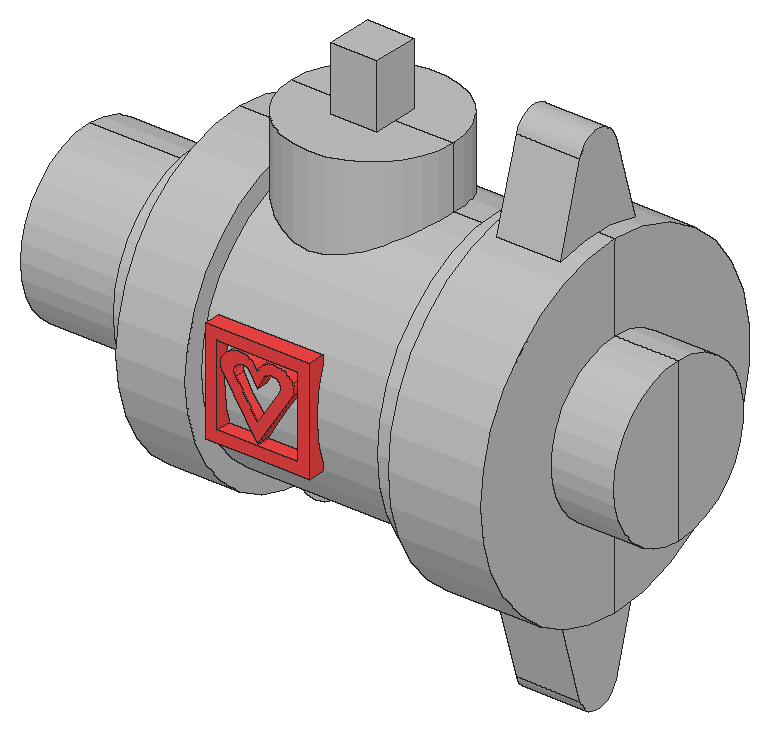
Revit family "Boiler filling and draining valve 2512 11", category Rohrzubehör, Revit 2021
Family settings
  Bemaßung runder Anschluss = Durchmesser verwenden
  Teiletyp = Normal
  OmniClass-Nummer = 23.65.55.14
  OmniClass-Titel = Valves for Liquid Services
  Arbeitsebenenbasiert = Nein
  Immer vertikal = Ja
  Beim Laden mit Abzugskörper schneiden = Nein
  Gemeinsam genutzt = Nein
Parameters
  min. Operating temperature = -30 °C  # constant formula
  max. Operating temperature = 110 °C  # constant formula
  max. Operating pressure = 1000000.0 Pa  # constant formula
  Vorgabe-Ansicht = 0.000 mm
  URL = "www.herzvalves.com"
  Spindle = "brass CW614N "  # constant formula
  SCTWSEQ = "ENT;AO;1"
  SCTWCODE = "01;10;01"  # constant formula
  SCRNSEQ = "ARM;ARM_TYP=\"ABSV\";1"
  SCRNCODE = "05;08;01"  # constant formula
  S04 = 45.000 mm  # constant formula
  S03 = 16.000 mm  # constant formula
  S02 = L00 - L01  # 24.500 mm
  S01 = L00 + (L09 - L05)  # 51.000 mm
  R99 = 2.000 mm  # constant formula
  R01 = 7.000 mm  # constant formula
  Part number [instance] = if(Nennweite = 15.000 mm, 1251211, 0)  # 1251211
  Nennweite [instance] = 15.000 mm  # constant formula
  Medium = "heating water according ÖNORM H5195 or VDI-Standard 2035.\r\nthe use of ethylene, or propylene glycol in a mixing ratio 25-50% is allowed."
  L10 = L01 - L05 + 1.000 mm  # 14.000 mm
  L09 = 13.500 mm  # constant formula
  L08 = 8.000 mm  # constant formula
  L07 = 4.000 mm  # constant formula
  L06 = 19.000 mm  # constant formula
  L05 = 6.500 mm  # constant formula
  L04 = 9.500 mm  # constant formula
  L03 = 8.500 mm  # constant formula
  L02 = 13.000 mm  # constant formula
  L01 = 19.500 mm  # constant formula
  L00 = 44.000 mm  # constant formula
  Ball = "forged brass CW617N, full bore, surface chrome plated"  # constant formula
  Hersteller = "Herz-Armaturen GmbH"  # constant formula
  H00 = 17.000 mm  # constant formula
  Body = "forged brass CW617N "  # constant formula
  G02 = 13.200 mm  # constant formula
  G01 [instance] = Nennweite / 2  # 7.500 mm
  Sealings = "ball: PTFE; spindle: PTFE "  # constant formula
  D08 = 7.000 mm  # constant formula
  D07 = 14.500 mm  # constant formula
  D06 = 12.100 mm  # constant formula
  D05 = 13.400 mm  # constant formula
  D04 = 11.100 mm  # constant formula
  D03 = 11.700 mm  # constant formula
  D02 = 9.300 mm  # constant formula
  D01 [instance] = G01 - 1.500 mm  # 6.000 mm
  Application = "the drain valves are installed as valves to fill and drain systems.\r\nfields of application are building services, such as in heating or chilled water plant in buildings.\r\naromatic chlorinated hydrocarbons such as natural gas or petroleum occurring in, destroy the EPDM seals."
Reference planes
  plane 1 "Mitte (Vorne/hinten)": y = 0
  plane 2: z = 0
  plane 3 "Mitte (Links/rechts)": x = 0
Forms (mm)
  Revolve 1, solid, material "Messing vernickelt", detail levels fine
    sketch origin (0, 0, 0) x (1, 0, 0) y (0, 0, 1)
      loop
        line (-18, 0) -> (13, 0) -> (13, 11.1) -> (19.5, 11.1) -> (19.5, 13.2) -> (11, 13.2) -> (11, 11.7) -> (-5.5, 11.7) -> (-5.5, 13.4) -> (-11.5, 13.4) -> (-11.5, 9.3) -> (-15, 9.3) -> (-15, 7.5) -> (-24.5, 7.5) -> (-24.5, 6) -> (-18, 6) -> (-18, 0)
      axis (-24.5, 0) -> (19.5, 0)
    angle from 0 to 360
  Extrusion 2, solid, material "Messing vernickelt", detail levels fine
    sketch origin (0, 0, 0) x (1, 0, 0) y (0, 0, 1)
      loop
        line (-2, -12.1) -> (-2, -11.3) -> (-5.52, -11.3) -> (-5.52, -13.4)
        arc (-5.52, -13.4) -> (-3.307, -13.976) -> (-2, -12.1) r 2
    from 1 to -1
  Revolve 3, solid, material "Messing vernickelt", detail levels fine
    sketch origin (0, 0, 0) x (1, 0, 0) y (0, 0, 1)
      loop
        line (0, 0) -> (0, 17) -> (-7, 17) -> (-7, 0) -> (0, 0)
      axis (0, 17) -> (0, 0)
    angle from 0 to 360
  Extrusion 4, solid, material "Messing vernickelt", detail levels fine
    sketch origin (0, 0, 0) x (1, 0, 0) y (0, 1, 0)
      loop
        line (-2, 2) -> (-2, -2) -> (2, -2) -> (2, 2) -> (-2, 2)
    from 17 to 22.5
  Revolve 5, solid, material "Messing vernickelt", detail levels fine
    sketch origin (0, 0, 0) x (1, 0, 0) y (0, 0, 1)
      loop
        line (13, 14.5) -> (13, 13.2) -> (19.5, 13.2) -> (19.5, 0) -> (26.5, 0) -> (26.5, 7) -> (21, 7) -> (21, 14.5) -> (13, 14.5)
      axis (13, 0) -> (26.5, 0)
    angle from 0 to 360
  Extrusion 6, solid, material "Messing vernickelt", detail levels fine
    sketch origin (0, 0, 0) x (0, 1, 0) y (0, 0, 1)
      loop
        line (4, 13.937) -> (1.92, 21.061)
        arc (1.92, 21.061) -> (0, 22.5) -> (-1.92, 21.061) r 2
        line (-1.92, 21.061) -> (-4, 13.937)
        arc (-4, 13.937) -> (0, 14.5) -> (4, 13.937) r 14.5
      loop
        arc (4, -13.937) -> (0, -14.5) -> (-4, -13.937) r 14.5
        line (-4, -13.937) -> (-1.92, -21.061)
        arc (-1.92, -21.061) -> (0, -22.5) -> (1.92, -21.061) r 2
        line (1.92, -21.061) -> (4, -13.937)
    from 14 to 19.5
Lines and regions (mm)
  model lines, detail levels coarse+medium
    curve 1: line (-24.5, 0, 0) -> (26.5, 0, 0)
    curve 2: line (16, 0, 22.5) -> (16, 0, -22.5)
    curve 3: line (16, -22.5, 0) -> (16, 22.5, 0)
Dimensions and locks
  "L00": Revolve 1 sketch curve to Revolve 1 sketch curve
  "L03": Revolve 1 sketch curve to Revolve 1 sketch curve
  "L05": Revolve 1 sketch curve to Revolve 1 sketch curve  (x2)
  "L01": Revolve 1 sketch curve to plane 3 "Mitte (Links/rechts)"
  "L04": Revolve 1 sketch curve to Revolve 1 sketch curve
  "L02": Revolve 1 sketch curve to Revolve 1 sketch curve
  "D01": Revolve 1 sketch curve to plane 2
  "G01": Revolve 1 sketch curve to plane 2
  "D04": Revolve 1 sketch curve to plane 2
  "D02": Revolve 1 sketch curve to plane 2
  "G02": Revolve 1 sketch curve to plane 2
  "D03": Revolve 1 sketch curve to plane 2
  "D05": Revolve 1 sketch curve to plane 2
  "L06": Revolve 1 sketch curve to Revolve 1 sketch curve
  "L07": plane 3 "Mitte (Links/rechts)" to Extrusion 2 sketch curve
  "D06": plane 2 to Extrusion 2 sketch curve
  "R01": plane 3 "Mitte (Links/rechts)" to Revolve 3 sketch curve
  "H00": Revolve 3 sketch curve to plane 2
  "G02": Revolve 5 sketch curve to plane 2
  "D07": Revolve 5 sketch curve to plane 2
  "L01": plane 3 "Mitte (Links/rechts)" to Revolve 5 sketch curve
  "L05": Revolve 5 sketch curve to Revolve 1
  "L08": Revolve 5 sketch curve to Revolve 5 sketch curve
  "D08": Revolve 5 sketch curve to plane 2
  "L09": Revolve 5 sketch curve to Revolve 5 sketch curve
  "L10": plane 3 "Mitte (Links/rechts)" to Extrusion 6
  "S01": curve 1 to curve 1
  "S03": plane 3 "Mitte (Links/rechts)" to curve 2
  "S02": plane 3 "Mitte (Links/rechts)" to curve 1
  equal spacing: curve 2, plane 2, curve 2
  "S04": curve 2 to curve 2
  "S04": curve 3 to curve 3
  equal spacing: curve 3, plane 1 "Mitte (Vorne/hinten)", curve 3
  "S03": plane 3 "Mitte (Links/rechts)" to curve 3
  "D03": nested 1 to plane 1 "Mitte (Vorne/hinten)"
  "R99": radius of Extrusion 2 sketch curve
  aligned and locked: level to plane 2
Automatic sketch dimensions
  plane 1 "Mitte (Vorne/hinten)" to Extrusion 4 sketch curve = 2.000 mm
  plane 3 "Mitte (Links/rechts)" to Extrusion 4 sketch curve = 2.000 mm
  Extrusion 4 sketch curve to plane 1 "Mitte (Vorne/hinten)" = 2.000 mm
  Extrusion 4 sketch curve to plane 3 "Mitte (Links/rechts)" = 2.000 mm
  Extrusion 6 sketch curve to Extrusion 6 sketch curve = 0.000 mm  (x2)
  Extrusion 6 sketch curve to plane 1 "Mitte (Vorne/hinten)" = 0.000 mm  (x3)
  Extrusion 6 sketch curve to level = 0.000 mm
  plane 1 "Mitte (Vorne/hinten)" to Extrusion 6 sketch curve = 1.920 mm  (x2)
  plane 1 "Mitte (Vorne/hinten)" to Extrusion 6 sketch curve = 4.000 mm  (x2)
  Extrusion 6 sketch curve to plane 1 "Mitte (Vorne/hinten)" = 1.920 mm  (x2)
  Extrusion 6 sketch curve to plane 1 "Mitte (Vorne/hinten)" = 4.000 mm  (x2)
  Extrusion 6 sketch curve to level = 13.937 mm
  Extrusion 6 sketch curve to Extrusion 6 sketch curve = 6.563 mm  (x2)
  Extrusion 6 sketch curve to Extrusion 6 sketch curve = 0.561 mm  (x2)
  level to Extrusion 6 sketch curve = 13.937 mm
  curve 1 to level = 0.000 mm
  Revolve 1 sketch curve to level = 0.000 mm  (x2)
  Revolve 1 sketch curve to Revolve 1 sketch curve = 1482.030 mm
  Revolve 1 sketch curve to Revolve 1 sketch curve = 1819.648 mm
  Extrusion 2 sketch curve to Extrusion 2 sketch curve = 1.520 mm
  Extrusion 2 sketch curve to Extrusion 2 sketch curve = 0.800 mm
  Revolve 3 sketch curve to level = 0.000 mm
  Revolve 3 sketch curve to plane 3 "Mitte (Links/rechts)" = 0.000 mm  (x2)
  Revolve 3 sketch curve to level = 366.045 mm
  Revolve 3 sketch curve to Revolve 3 sketch curve = 2197.315 mm
  Revolve 5 sketch curve to level = 0.000 mm  (x2)
  Revolve 5 sketch curve to plane 3 "Mitte (Links/rechts)" = 1506.530 mm
  Revolve 5 sketch curve to Revolve 5 sketch curve = 1812.648 mm
Nested families
  nested 1: "Herz-Logo-vorne" at (0, -11.7, 0) x (0, 1, 0) z (0, 0, 1), type "Herz-Logo-vorne"
Connectors
  piping at (-24.5, 0, 0), diameter 15, driven by "Nennweite"
    settings: on Revolve 1, index 1, connector inside diameter 609.6 mm, connector length 0.000 mm, flow factor 0, pipe flow 0.0 L/s, pressure drop 0.0 Pa, fitting loss kfactor 0, connector angle 0.00°, fixture units 0, engagement length 0.000 mm, angle of deflection 0.00°, flow configuration 0, flow direction 0, fitting loss method 0, system type 29, joint type 0, gender type 0, connector reference index -1, connector utility 0, adjustable connector no, is connector primary yes, connector description ""
Definition of nested family "Herz-Logo-vorne"
  Parameters (values of type "Herz-Logo-vorne")
    Default Elevation = 0.000 mm
  Reference planes
    plane 1 "Mitte (Vorne/hinten)": y = 0
    plane 2: z = 0
    plane 3 "Mitte (Links/rechts)": x = 0
  Forms (mm)
    Extrusion 1, solid
      sketch origin (0.732, -0.018, 0.017) x (0, -1, 0) y (0, 0, 1)
        loop
          line (-0.018, -4.517) -> (4.482, -4.517) -> (4.482, 4.483) -> (-4.518, 4.483) -> (-4.518, -4.517) -> (-0.018, -4.517)
        loop
          line (-0.05, -3.48) -> (3.482, -3.48) -> (3.482, 3.483) -> (-3.518, 3.483) -> (-3.518, -3.48) -> (-0.05, -3.48)
        loop
          arc (-0.018, 2.383) -> (-1.543, 3.287) -> (-3.067, 2.383) r 1.738
          arc (-3.067, 2.383) -> (-3.191, 1.899) -> (-3.067, 1.415) r 1.009
          line (-3.067, 1.415) -> (-0.018, -3.281) -> (3.032, 1.415)
          arc (3.032, 1.415) -> (3.156, 1.899) -> (3.032, 2.383) r 1.009
          arc (3.032, 2.383) -> (1.507, 3.287) -> (-0.018, 2.383) r 1.738
        loop
          arc (1.885, 1.272) -> (2.005, 1.675) -> (1.885, 2.079) r 0.74
          arc (1.885, 2.079) -> (1.265, 2.416) -> (0.644, 2.079) r 0.74
          line (0.644, 2.079) -> (-0.018, 0.97) -> (-0.679, 2.079)
          arc (-0.679, 2.079) -> (-1.3, 2.416) -> (-1.921, 2.079) r 0.74
          arc (-1.921, 2.079) -> (-2.04, 1.675) -> (-1.921, 1.272) r 0.74
          line (-1.921, 1.272) -> (-0.018, -1.658) -> (1.885, 1.272)
      from 0 to 1.5
  Dimensions and locks
    aligned and locked: level to plane 2
